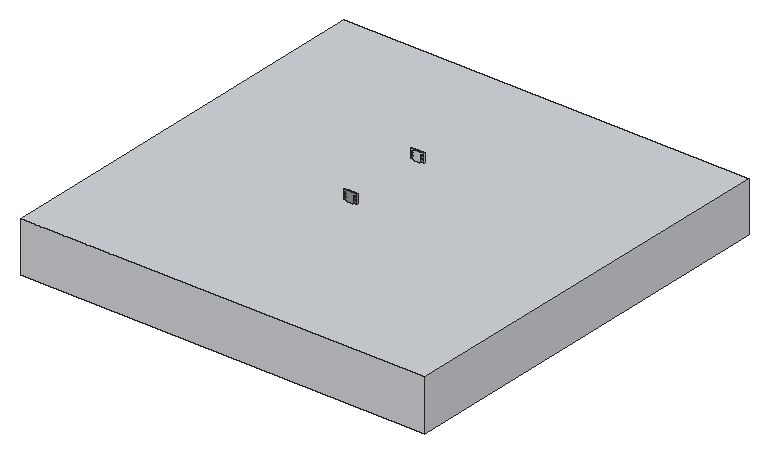
Revit family "Street 24-48 торцевая крышка", category Обобщенные модели, Revit 2017
Family settings
  Основа = Грань
  Может служить основой для арматурных стержней = Нет
  Размер круглого соединителя = Использовать диаметр
  Тип детали = Нормальный
  При загрузке вырезать с полостями = Нет
  Общий = Нет
  Точка расчета площади = Нет
Parameters (values of type "Trade 24-48 торцевая крышка")
  Расстояние до плоскости = 150 mm
  Default Elevation = 1219.2 mm
  Начало профиля = 249.976 mm
  Конец профиля = Начало профиля  # 249.976 mm
  Длина профиля = Начало профиля * 2  # 499.952 mm
Types (2, lengths in mm): name | Расстояние до плоскости | Начало профиля | Конец профиля | Длина профиля
  Trade 24-48 торцевая крышка | 150 | 249.976 | 249.976 | 499.952
  Trade Standart | 250 | 250 | 250 | 500
Reference planes
  plane 1 "По центру (Вперед/Назад)": y = 0
  plane 2: z = 0
  plane 3 "По центру (Влево/Вправо)": x = 0
  plane 4 "Плоскость светильника": z = 150
Forms (mm)
  Extrusion 1, solid
    sketch origin (0, 0, 0) x (1, 0, 0) y (0, 1, 0)
      loop
        line (-1219.2, 1219.2) -> (-1219.2, -1219.2) -> (1219.2, -1219.2) -> (1219.2, 1219.2) -> (-1219.2, 1219.2)
    from 0 to -304.8
  Extrusion 2, solid, material "Алюминий"
    sketch origin (-19.367, -249.976, 150) x (1, 0, 0) y (0, 0, 1)
      loop
        line (-19.221, 0) -> (-19.221, -52.919) -> (-10.867, -52.919)
        arc (-10.867, -52.919) -> (-6.009, -53.518) -> (-1.441, -55.28) r 20
        line (-1.441, -55.28) -> (3.39, -58.299)
        arc (3.39, -58.299) -> (3.801, -58.687) -> (4.03, -59.204) r 1.436
        line (4.03, -59.204) -> (13.43, -59.204)
        arc (13.43, -59.204) -> (14.332, -58.467) -> (15.467, -58.204) r 2.574
        line (15.467, -58.204) -> (19.367, -58.204) -> (23.267, -58.204)
        arc (23.267, -58.204) -> (24.401, -58.467) -> (25.303, -59.204) r 2.574
        line (25.303, -59.204) -> (34.703, -59.204)
        arc (34.703, -59.204) -> (34.933, -58.687) -> (35.344, -58.299) r 1.436
        line (35.344, -58.299) -> (40.175, -55.28)
        arc (40.175, -55.28) -> (44.742, -53.518) -> (49.601, -52.919) r 20
        line (49.601, -52.919) -> (57.954, -52.919) -> (57.954, 0) -> (19.367, 0) -> (-19.221, 0)
      loop
        arc (-9.318, -51.37) -> (-5.4, -51.758) -> (-1.633, -52.906) r 20
        line (-1.633, -52.906) -> (-1.633, -34.404)
        arc (-1.633, -34.404) -> (-2.615, -32.996) -> (-4.276, -33.432) r 1.5
        line (-4.276, -33.432) -> (-15.725, -46.891)
        arc (-15.725, -46.891) -> (-16.329, -48.024) -> (-16.801, -49.218) r 11.359
        arc (-16.801, -49.218) -> (-16.574, -50.692) -> (-15.247, -51.37) r 1.637
        line (-15.247, -51.37) -> (-9.318, -51.37)
      loop
        line (-14.324, -39.155) -> (-1.295, -20.548)
        arc (-1.295, -20.548) -> (-1.025, -18.749) -> (-2.299, -17.45) r 2.04
        arc (-2.299, -17.45) -> (-4.877, -16.36) -> (-7.288, -14.938) r 21
        arc (-7.288, -14.938) -> (-8.685, -13.894) -> (-9.991, -12.739) r 21
        arc (-9.991, -12.739) -> (-11.447, -11.189) -> (-12.739, -9.499) r 21
        arc (-12.739, -9.499) -> (-14.944, -10.099) -> (-17.221, -10.29) r 12.546
        line (-17.221, -10.29) -> (-17.221, -38.242)
        arc (-17.221, -38.242) -> (-16.107, -39.761) -> (-14.324, -39.155) r 1.592
      loop
        line (48.051, -51.37) -> (53.98, -51.37)
        arc (53.98, -51.37) -> (55.308, -50.692) -> (55.534, -49.218) r 1.637
        arc (55.534, -49.218) -> (55.062, -48.024) -> (54.458, -46.891) r 11.359
        line (54.458, -46.891) -> (43.009, -33.432)
        arc (43.009, -33.432) -> (41.349, -32.996) -> (40.367, -34.404) r 1.5
        line (40.367, -34.404) -> (40.367, -52.906)
        arc (40.367, -52.906) -> (44.133, -51.758) -> (48.051, -51.37) r 20
      loop
        arc (53.057, -39.155) -> (54.841, -39.761) -> (55.954, -38.242) r 1.592
        line (55.954, -38.242) -> (55.954, -10.29)
        arc (55.954, -10.29) -> (53.677, -10.099) -> (51.473, -9.499) r 12.546
        arc (51.473, -9.499) -> (50.181, -11.189) -> (48.725, -12.739) r 21
        arc (48.725, -12.739) -> (47.419, -13.894) -> (46.022, -14.938) r 21
        arc (46.022, -14.938) -> (43.611, -16.36) -> (41.032, -17.45) r 21
        arc (41.032, -17.45) -> (39.759, -18.749) -> (40.028, -20.548) r 2.04
        line (40.028, -20.548) -> (53.057, -39.155)
    from 0 to 5
  Extrusion 3, solid
    sketch origin (18.233, 249.976, 150) x (-1, 0, 0) y (0, 0, 1)
      loop
        line (56.821, 0) -> (18.233, 0) -> (-20.354, 0) -> (-20.354, -52.919) -> (-12.001, -52.919)
        arc (-12.001, -52.919) -> (-7.142, -53.518) -> (-2.575, -55.28) r 20
        line (-2.575, -55.28) -> (2.256, -58.299)
        arc (2.256, -58.299) -> (2.667, -58.687) -> (2.897, -59.204) r 1.436
        line (2.897, -59.204) -> (12.297, -59.204)
        arc (12.297, -59.204) -> (13.199, -58.467) -> (14.333, -58.204) r 2.574
        line (14.333, -58.204) -> (18.233, -58.204) -> (22.133, -58.204)
        arc (22.133, -58.204) -> (23.268, -58.467) -> (24.17, -59.204) r 2.574
        line (24.17, -59.204) -> (33.57, -59.204)
        arc (33.57, -59.204) -> (33.799, -58.687) -> (34.21, -58.299) r 1.436
        line (34.21, -58.299) -> (39.041, -55.28)
        arc (39.041, -55.28) -> (43.609, -53.518) -> (48.467, -52.919) r 20
        line (48.467, -52.919) -> (56.821, -52.919) -> (56.821, 0)
      loop
        line (46.918, -51.37) -> (52.847, -51.37)
        arc (52.847, -51.37) -> (54.174, -50.692) -> (54.401, -49.218) r 1.637
        arc (54.401, -49.218) -> (53.929, -48.024) -> (53.325, -46.891) r 11.359
        line (53.325, -46.891) -> (41.876, -33.432)
        arc (41.876, -33.432) -> (40.215, -32.996) -> (39.233, -34.404) r 1.5
        line (39.233, -34.404) -> (39.233, -52.906)
        arc (39.233, -52.906) -> (43, -51.758) -> (46.918, -51.37) r 20
      loop
        arc (51.924, -39.155) -> (53.707, -39.761) -> (54.821, -38.242) r 1.592
        line (54.821, -38.242) -> (54.821, -10.29)
        arc (54.821, -10.29) -> (52.544, -10.099) -> (50.339, -9.499) r 12.546
        arc (50.339, -9.499) -> (49.047, -11.189) -> (47.591, -12.739) r 21
        arc (47.591, -12.739) -> (46.285, -13.894) -> (44.888, -14.938) r 21
        arc (44.888, -14.938) -> (42.477, -16.36) -> (39.899, -17.45) r 21
        arc (39.899, -17.45) -> (38.625, -18.749) -> (38.895, -20.548) r 2.04
        line (38.895, -20.548) -> (51.924, -39.155)
      loop
        arc (-10.451, -51.37) -> (-6.533, -51.758) -> (-2.767, -52.906) r 20
        line (-2.767, -52.906) -> (-2.767, -34.404)
        arc (-2.767, -34.404) -> (-3.749, -32.996) -> (-5.409, -33.432) r 1.5
        line (-5.409, -33.432) -> (-16.858, -46.891)
        arc (-16.858, -46.891) -> (-17.462, -48.024) -> (-17.934, -49.218) r 11.359
        arc (-17.934, -49.218) -> (-17.708, -50.692) -> (-16.38, -51.37) r 1.637
        line (-16.38, -51.37) -> (-10.451, -51.37)
      loop
        line (-15.457, -39.155) -> (-2.428, -20.548)
        arc (-2.428, -20.548) -> (-2.159, -18.749) -> (-3.432, -17.45) r 2.04
        arc (-3.432, -17.45) -> (-6.011, -16.36) -> (-8.422, -14.938) r 21
        arc (-8.422, -14.938) -> (-9.819, -13.894) -> (-11.125, -12.739) r 21
        arc (-11.125, -12.739) -> (-12.581, -11.189) -> (-13.873, -9.499) r 21
        arc (-13.873, -9.499) -> (-16.077, -10.099) -> (-18.354, -10.29) r 12.546
        line (-18.354, -10.29) -> (-18.354, -38.242)
        arc (-18.354, -38.242) -> (-17.241, -39.761) -> (-15.457, -39.155) r 1.592
    from 0 to 5
  Extrusion 4, solid
    sketch origin (0, -398.223, 150) x (0, -1, 0) y (1, 0, 0)
      loop
        line (-149.081, 18.233) -> (-149.081, -19.367) -> (-148.247, -19.367) -> (-148.247, 18.233) -> (-149.081, 18.233)
      loop
        line (-648.199, -19.367) -> (-647.405, -19.367) -> (-647.405, 18.233) -> (-648.199, 18.233) -> (-648.199, -19.367)
    from 0 to -1
Dimensions and locks
  "Расстояние до плоскости": plane 4 "Плоскость светильника" to Extrusion 1
  "Конец профиля": plane 1 "По центру (Вперед/Назад)" to Extrusion 4
  "Начало профиля": Extrusion 4 to plane 1 "По центру (Вперед/Назад)"
  aligned and locked: plane 2 to Extrusion 1
  aligned and locked: level to Extrusion 1
Automatic sketch dimensions
  Extrusion 1 sketch curve to Extrusion 1 sketch curve = 2438.4 mm  (x2)
  Extrusion 3 sketch curve to Extrusion 3 sketch curve = 0 mm  (x16)
  Extrusion 3 sketch curve to Extrusion 3 sketch curve = 2.098 mm  (x2)
  Extrusion 3 sketch curve to Extrusion 3 sketch curve = 1.592 mm  (x2)
  Extrusion 3 sketch curve to Extrusion 3 sketch curve = 0.478 mm  (x2)
  Extrusion 3 sketch curve to Extrusion 3 sketch curve = 1.304 mm  (x2)
  Extrusion 3 sketch curve to Extrusion 3 sketch curve = 1.55 mm  (x2)
  Extrusion 3 sketch curve to Extrusion 3 sketch curve = 3.299 mm
  Extrusion 3 sketch curve to Extrusion 3 sketch curve = 1.143 mm  (x2)
  Extrusion 3 sketch curve to Extrusion 3 sketch curve = 1.5 mm  (x2)
  Extrusion 3 sketch curve to Extrusion 3 sketch curve = 0.192 mm
  Extrusion 3 sketch curve to Extrusion 3 sketch curve = 1.671 mm  (x2)
  Extrusion 3 sketch curve to Extrusion 3 sketch curve = 4.07 mm
  Extrusion 3 sketch curve to Extrusion 3 sketch curve = 0.761 mm
  Extrusion 3 sketch curve to Extrusion 3 sketch curve = 0.641 mm  (x2)
  Extrusion 3 sketch curve to Extrusion 3 sketch curve = 9.4 mm  (x2)
  Extrusion 3 sketch curve to Extrusion 3 sketch curve = 2.037 mm  (x2)
  Extrusion 3 sketch curve to Extrusion 3 sketch curve = 3.9 mm  (x2)
  Extrusion 3 sketch curve to Extrusion 3 sketch curve = 14.8 mm  (x2)
  Extrusion 4 to Extrusion 3 sketch curve = 58.299 mm
  Extrusion 3 sketch curve to Extrusion 3 sketch curve = 1.402 mm
  Extrusion 3 sketch curve to Extrusion 3 sketch curve = 5.861 mm
  Extrusion 3 sketch curve to Extrusion 3 sketch curve = 4.831 mm
  Extrusion 3 sketch curve to Extrusion 3 sketch curve = 0.339 mm
  Extrusion 3 sketch curve to Extrusion 3 sketch curve = 4.386 mm
  Extrusion 3 sketch curve to Extrusion 3 sketch curve = 11.946 mm
  Extrusion 3 sketch curve to Extrusion 3 sketch curve = 10.048 mm
  Extrusion 3 sketch curve to Extrusion 3 sketch curve = 4.379 mm
  Extrusion 3 sketch curve to Extrusion 3 sketch curve = 21.689 mm
  Extrusion 4 to Extrusion 3 sketch curve = 72.919 mm  (x2)
  Extrusion 3 sketch curve to Extrusion 3 sketch curve = 1.549 mm  (x2)
  Extrusion 3 sketch curve to Extrusion 3 sketch curve = 2.479 mm
  Extrusion 3 sketch curve to Extrusion 3 sketch curve = 1.261 mm
  Extrusion 3 sketch curve to Extrusion 3 sketch curve = 1.218 mm
  Extrusion 3 sketch curve to Extrusion 3 sketch curve = 3.018 mm  (x2)
  Extrusion 3 sketch curve to Extrusion 3 sketch curve = 2.375 mm  (x2)
  Extrusion 3 sketch curve to Extrusion 3 sketch curve = 1.421 mm  (x2)
  Extrusion 3 sketch curve to Extrusion 3 sketch curve = 1.637 mm  (x2)
  Extrusion 3 sketch curve to Extrusion 3 sketch curve = 2.327 mm  (x2)
  Extrusion 3 sketch curve to Extrusion 3 sketch curve = 7.735 mm  (x2)
  Extrusion 3 sketch curve to Extrusion 3 sketch curve = 4.752 mm  (x2)
  Extrusion 3 sketch curve to Extrusion 3 sketch curve = 12.884 mm  (x2)
  Extrusion 3 sketch curve to Extrusion 3 sketch curve = 1.17 mm  (x2)
  Extrusion 3 sketch curve to Extrusion 3 sketch curve = 9.088 mm  (x2)
  Extrusion 3 sketch curve to Extrusion 3 sketch curve = 20.548 mm
  Extrusion 3 sketch curve to Extrusion 3 sketch curve = 2.256 mm  (x2)
  Extrusion 3 sketch curve to Extrusion 3 sketch curve = 2.396 mm  (x2)
  Extrusion 3 sketch curve to Extrusion 3 sketch curve = 2.703 mm  (x2)
  Extrusion 3 sketch curve to Extrusion 3 sketch curve = 4.989 mm
  Extrusion 2 sketch curve to Extrusion 2 sketch curve = 0 mm  (x16)
  Extrusion 4 to Extrusion 2 sketch curve = 52.919 mm
  Extrusion 2 sketch curve to Extrusion 2 sketch curve = 2 mm
  Extrusion 2 sketch curve to Extrusion 2 sketch curve = 2.098 mm  (x2)
  Extrusion 4 to Extrusion 2 sketch curve = 46.891 mm
  Extrusion 2 sketch curve to Extrusion 2 sketch curve = 3.496 mm
  Extrusion 2 sketch curve to Extrusion 2 sketch curve = 1.592 mm
  Extrusion 2 sketch curve to Extrusion 2 sketch curve = 0.478 mm  (x2)
  Extrusion 4 to Extrusion 2 sketch curve = 39.155 mm
  Extrusion 2 sketch curve to Extrusion 2 sketch curve = 1.304 mm  (x2)
  Extrusion 4 to Extrusion 2 sketch curve = 72.919 mm  (x2)
  Extrusion 2 sketch curve to Extrusion 2 sketch curve = 8.353 mm
  Extrusion 2 sketch curve to Extrusion 2 sketch curve = 1.55 mm  (x2)
  Extrusion 2 sketch curve to Extrusion 2 sketch curve = 3.299 mm
  Extrusion 2 sketch curve to Extrusion 2 sketch curve = 10.048 mm  (x2)
  Extrusion 2 sketch curve to Extrusion 2 sketch curve = 1.143 mm  (x2)
  Extrusion 2 sketch curve to Extrusion 2 sketch curve = 1.31 mm
  Extrusion 2 sketch curve to Extrusion 2 sketch curve = 1.5 mm  (x2)
  Extrusion 4 to Extrusion 2 sketch curve = 55.28 mm
  Extrusion 2 sketch curve to Extrusion 2 sketch curve = 1.671 mm  (x2)
  Extrusion 2 sketch curve to Extrusion 2 sketch curve = 4.07 mm
  Extrusion 4 to Extrusion 2 sketch curve = 58.299 mm  (x2)
  Extrusion 2 sketch curve to Extrusion 2 sketch curve = 0.761 mm  (x2)
  Extrusion 2 sketch curve to Extrusion 2 sketch curve = 0.641 mm  (x2)
  Extrusion 2 sketch curve to Extrusion 2 sketch curve = 21.689 mm  (x2)
  Extrusion 2 sketch curve to Extrusion 2 sketch curve = 9.4 mm  (x2)
  Extrusion 2 sketch curve to Extrusion 2 sketch curve = 2.037 mm  (x2)
  Extrusion 2 sketch curve to Extrusion 2 sketch curve = 3.9 mm  (x2)
  Extrusion 2 sketch curve to Extrusion 2 sketch curve = 14.8 mm  (x2)
  Extrusion 2 sketch curve to Extrusion 2 sketch curve = 5.861 mm
  Extrusion 2 sketch curve to Extrusion 2 sketch curve = 4.831 mm
  Extrusion 2 sketch curve to Extrusion 2 sketch curve = 0.192 mm
  Extrusion 2 sketch curve to Extrusion 2 sketch curve = 4.386 mm
  Extrusion 2 sketch curve to Extrusion 2 sketch curve = 11.946 mm
  Extrusion 2 sketch curve to Extrusion 2 sketch curve = 4.379 mm
  Extrusion 2 sketch curve to Extrusion 2 sketch curve = 0.098 mm
  Extrusion 2 sketch curve to Extrusion 2 sketch curve = 1.549 mm  (x2)
  Extrusion 2 sketch curve to Extrusion 2 sketch curve = 2.479 mm
  Extrusion 2 sketch curve to Extrusion 2 sketch curve = 1.218 mm
  Extrusion 2 sketch curve to Extrusion 2 sketch curve = 3.018 mm
  Extrusion 2 sketch curve to Extrusion 2 sketch curve = 2.375 mm  (x2)
  Extrusion 2 sketch curve to Extrusion 2 sketch curve = 1.421 mm  (x2)
  Extrusion 2 sketch curve to Extrusion 2 sketch curve = 1.637 mm  (x2)
  Extrusion 2 sketch curve to Extrusion 2 sketch curve = 2.327 mm
  Extrusion 2 sketch curve to Extrusion 2 sketch curve = 7.735 mm
  Extrusion 2 sketch curve to Extrusion 2 sketch curve = 4.752 mm  (x2)
  Extrusion 2 sketch curve to Extrusion 2 sketch curve = 12.884 mm  (x2)
  Extrusion 2 sketch curve to Extrusion 2 sketch curve = 1.17 mm  (x2)
  Extrusion 2 sketch curve to Extrusion 2 sketch curve = 9.088 mm  (x2)
  Extrusion 2 sketch curve to Extrusion 2 sketch curve = 10.29 mm
  Extrusion 2 sketch curve to Extrusion 2 sketch curve = 2.256 mm  (x2)
  Extrusion 2 sketch curve to Extrusion 2 sketch curve = 2.396 mm  (x2)
  Extrusion 2 sketch curve to Extrusion 2 sketch curve = 4.481 mm
  Extrusion 2 sketch curve to Extrusion 2 sketch curve = 2.748 mm
  Extrusion 2 sketch curve to Extrusion 2 sketch curve = 2.703 mm  (x2)
  Extrusion 2 sketch curve to Extrusion 2 sketch curve = 4.989 mm
  Extrusion 3 sketch curve to Extrusion 4 = 0 mm
  Extrusion 3 sketch curve to Extrusion 3 sketch curve = 2 mm
  Extrusion 3 sketch curve to Extrusion 3 sketch curve = 3.496 mm
  Extrusion 3 sketch curve to Extrusion 3 sketch curve = 4.481 mm
  Extrusion 3 sketch curve to Extrusion 3 sketch curve = 2.748 mm
  Extrusion 2 sketch curve to Extrusion 4 = 19.221 mm
  Extrusion 3 sketch curve to Extrusion 4 = 20.354 mm
  Extrusion 3 sketch curve to Extrusion 4 = 12.001 mm
  Extrusion 3 sketch curve to Extrusion 4 = 4.099 mm
  Extrusion 4 to Extrusion 3 sketch curve = 3.433 mm
  Extrusion 4 sketch curve to plane 3 "По центру (Влево/Вправо)" = 19.367 mm  (x2)
  Extrusion 4 sketch curve to plane 1 "По центру (Вперед/Назад)" = 249.976 mm
  Extrusion 4 sketch curve to Extrusion 4 sketch curve = 0.794 mm
  plane 1 "По центру (Вперед/Назад)" to Extrusion 4 sketch curve = 249.142 mm
  Extrusion 4 sketch curve to Extrusion 4 sketch curve = 0.834 mm
  plane 3 "По центру (Влево/Вправо)" to Extrusion 4 sketch curve = 18.233 mm  (x2)
